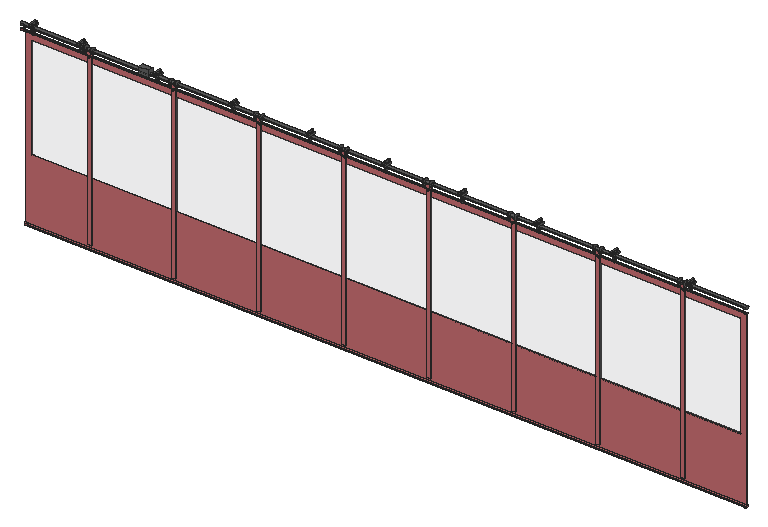
Revit family "Gymnasium_Equipment-Divider_Curtain-IPIbyBison-Fold_Up-IP850", category Specialty Equipment, Revit 2026
Family settings
  Round Connector Dimension = Use Diameter
  Part Type = Normal
  Classification Number = 23.40.50.34.17
  Enable Cutting in Views = No
  Always vertical = Yes
  Cut with Voids When Loaded = No
  Maintain Annotation Orientation = No
  Shared = No
  Room Calculation Point = No
Parameters (values of type "IP850")
  solidvinylheight [instance] = if(Show not in use, 2' 0", Solid Vinyl Height)  # 8' - 0"
  rollercount [instance] = (Unit Length - (Roller Spacing from Edge * 2)) / Roller Spacing  # 8
  meshvis [instance] = not(Show not in use)  # yes
  clampcount [instance] = if(Number of Clamps < 2, 2, Number of Clamps)  # 9
  Unit Weight [instance] = 0
  Unit Length [instance] = 90' - 0"
  URL = "https://ipibybison.com/"
  Strap Length [instance] = if(Show not in use, 1' 8", Opening Height - 0' 2" - 0' 6")  # 22' - 4"
  Specification = "https://www.arcat.com/company/ipi-by-bison-38554/spec"
  Solid Vinyl Height [instance] = 8' - 0"
  Show not in use [instance] = no
  Second Clamp Spacing [instance] = 6' - 0"
  Roller Spacing from Edge [instance] = 8' - 0"
  Roller Spacing [instance] = 9' - 3"
  Product Page URL = "https://www.arcat.com/arcatcos/cos38/arc38554.html"
  Panel Material [instance] = Vinyl - Solid - IPI by Bison - Red
  Opening Height [instance] = 23' - 0"
  Number of Clamps [instance] = (Unit Length - (Clamp Inset from Edge * 2) - (Second Clamp Spacing * 2)) / Clamp Spacing + 1  # 9
  Motor RPM [instance] = 0
  Motor HP [instance] = 0
  Model = "IP850"
  Mesh Material [instance] = Vinyl - Mesh - IPI by Bison - Gray
  Maximum Size = "40' Height x 120' Length"
  Manufacturer = "IPI by Bison"
  Locate Motor [instance] = 15' - 0"
  Keynote = "11 66 53"
  Height of Bottom of Curtain [instance] = if(Show not in use, Curtain Height - 2' 0", 0' 0")  # 0' - 0"
  Frame Finish [instance] = Finish - IPI by Bison - Black
  Flange Width [instance] = 0' - 7"
  Electrical_Voltage [instance] = 0 V
  Electrical_VA [instance] = 0 VA
  Electrical_Phase [instance] = 1
  Electrical_Number of Poles [instance] = 1
  Electrical_Amperage [instance] = 0 A
  Description = "Gymnasium Roll Up Divider Curtain"
  Default Elevation = 0' - 0"
  Curtain Height [instance] = Opening Height - 0' 2" - 0' 6 1/4"  # 22' - 3 3/4"
  Copyright = "© 2023 ARCAT"  # constant formula
  Clamp Spacing [instance] = 10' - 0"
  Clamp Inset from Edge [instance] = 1' - 0"
  CAD Details = "https://www.arcat.com/company/ipi-by-bison-38554/cad"
  Available Options = "as Specified"
Reference planes (in)
  plane 1 "Center (Front/Back)": y = 0
  plane 2: z = 0
  plane 3 "Center (Left/Right)": x = 0
  plane 4: z = 269.75
  plane 5: x = -540
  plane 6: x = 540
  plane 7: x = -546
  plane 8: x = -528
  plane 9: x = 528
  plane 10: z = 98
  plane 11: z = 2
  plane 12: x = -456
  plane 13: x = 456
  plane 14: x = -444
  plane 15: x = 444
  plane 16: x = 546
  plane 17: x = -360
Forms (in)
  Extrusion 1, solid, material "Finish - IPI by Bison - Black" <- "Frame Finish"
    sketch origin (0, 0, 0) x (0, 1, 0) y (0, 0, 1)
      loop
        circle (0, 269.75) r 2
      loop
        circle (0, 262.05122) r 0.8125
    from -546 to 540
  Extrusion 2, solid, material "Finish - IPI by Bison - Black" <- "Frame Finish"
    sketch origin (0, 0, 0) x (1, 0, 0) y (0, 0, 1)
      loop
        line (-353, 276) -> (-367, 276) -> (-367, 266) -> (-353, 266) -> (-353, 276)
    from -3.90461 to 3.54338
  Extrusion 3, solid, material "Vinyl - Solid - IPI by Bison - Red" <- "Panel Material", visible <- "meshvis"
    sketch origin (0, 0, 0) x (1, 0, 0) y (0, 0, 1)
      loop
        line (-540, 261.23872) -> (-540, 2) -> (540, 2) -> (540, 261.23872) -> (-540, 261.23872)
      loop
        line (531, 98) -> (531, 252.23872) -> (-531, 252.23872) -> (-531, 98) -> (531, 98)
    from 0.125 to -0.125
  Extrusion 4, solid, material "Vinyl - Mesh - IPI by Bison - Gray" <- "Mesh Material", visible <- "meshvis"
    sketch origin (0, 0, 0) x (1, 0, 0) y (0, 0, 1)
      loop
        line (531, 98) -> (531, 252.23872) -> (-531, 252.23872) -> (-531, 98) -> (531, 98)
    from 0.125 to -0.125
  Extrusion 5, solid, material "Vinyl - Solid - IPI by Bison - Red" <- "Panel Material", visible <- "meshvis"
    sketch origin (0, 0, 0) x (0, 1, 0) y (0, 0, 1)
      loop
        circle (0, 3.71604) r 1.75
    from -540 to 540
  Extrusion 6, solid, material "Vinyl - Solid - IPI by Bison - Red" <- "Panel Material", visible <- "Show not in use"
    sketch origin (0, 0, 0) x (0, 1, 0) y (0, 0, 1)
      loop
        arc (1.75, 239.71604) -> (1.27582, 240.91387) -> (0.11024, 241.46257) r 1.75
        arc (0.11024, 241.46257) -> (2.23296, 240.98538) -> (4, 239.71604) r 5.45142
        line (4, 239.71604) -> (4, 258.46604) -> (0.125, 261.23872) -> (-0.125, 261.23872) -> (-4, 258.46604) -> (-4, 239.71604)
        arc (-4, 239.71604) -> (-2.23296, 240.98538) -> (-0.11024, 241.46257) r 5.45142
        arc (-0.11024, 241.46257) -> (-1.27582, 240.91387) -> (-1.75, 239.71604) r 1.75
        arc (-1.75, 239.71604) -> (0, 237.96604) -> (1.75, 239.71604) r 1.75
    from -540 to 540
Dimensions and locks (in)
  locked: level to plane 4 at 6.25
  equal spacing: plane 6, plane 3 "Center (Left/Right)", plane 5
  "Unit Length": plane 6 to plane 5
  locked: plane 5 to plane 7 at 6
  "Clamp Inset from Edge": plane 8 to plane 5
  "Clamp Inset from Edge": plane 9 to plane 6
  locked: plane 11 to level at 2
  "Opening Height": level to level
  Extrusion 2 sketch curve to plane 4 to Extrusion 2 sketch curve = 0' - 6 1/4" locked, 0' - 3 3/4" locked
  "Second Clamp Spacing": plane 12 to plane 8
  "Second Clamp Spacing": plane 13 to plane 9
  equal spacing: group 1, group 3, group 4, group 5, group 6, group 7, group 8, group 9, group 2  (x3)
  "Roller Spacing from Edge": plane 15 to plane 6
  "Roller Spacing from Edge": plane 14 to plane 5
  equal spacing: group 10, group 12, group 13, group 14, group 15, group 16, group 17, group 11  (x3)
  locked: Extrusion 3 sketch curve to plane 5 at 9
  locked: Extrusion 3 sketch curve to plane 6 at 9
  plane 4 to Extrusion 3 sketch curve to Extrusion 3 sketch curve = 0' - 8.51128" locked, 0' - 9" locked
  locked: plane 6 to plane 16 at 6
  "Locate Motor": plane 17 to plane 5
  Extrusion 2 sketch curve to plane 17 to Extrusion 2 sketch curve = 0' - 7" locked, 0' - 7" locked
  locked: Extrusion 4 sketch curve to plane 5 at 9
  locked: plane 4 to Extrusion 4 sketch curve at 17.51128
  locked: Extrusion 4 sketch curve to plane 6 at 9
  locked: Extrusion 5 sketch curve to plane 11 at 1.71604
  plane 4 to Extrusion 6 sketch curve to Extrusion 6 sketch curve to Extrusion 6 sketch curve to Extrusion 6 sketch curve = 0' - 8.51128" locked, 0' - 2.77268" locked, 0' - 0" locked, 1' - 6 3/4" locked
  locked: plane 4 to Extrusion 6 sketch curve at 30.03396
  aligned and locked: level to plane 2
  aligned and locked: Extrusion 1 to plane 7
  aligned and locked: plane 6 to Extrusion 1
  aligned and locked: plane 8 to nested 1
  aligned and locked: plane 12 to nested 2
  aligned and locked: nested 3 to plane 13
  aligned and locked: nested 11 to plane 14
  aligned and locked: nested 12 to plane 15
  aligned and locked: plane 5 to Extrusion 3 sketch curve
  aligned and locked: plane 11 to Extrusion 3 sketch curve
  aligned and locked: plane 10 to Extrusion 4 sketch curve
  aligned and locked: Extrusion 5 to plane 6
  aligned and locked: Extrusion 5 to plane 5
  aligned and locked: plane 6 to Extrusion 6
  aligned and locked: Extrusion 6 to plane 5
Automatic sketch dimensions
  Extrusion 1 sketch curve to plane 1 "Center (Front/Back)" = 0' - 0"  (x2)
  Extrusion 1 sketch curve to plane 4 = 0' - 0"
  Extrusion 1 sketch curve to plane 4 = 0' - 7.69878"
  Extrusion 5 sketch curve to plane 1 "Center (Front/Back)" = 0' - 0"
  plane 6 to Extrusion 3 sketch curve = 0' - 0"
  Extrusion 3 sketch curve to plane 10 = 0' - 0"
  Extrusion 6 sketch curve to Extrusion 6 sketch curve = 0' - 0"  (x5)
  Extrusion 6 sketch curve to plane 1 "Center (Front/Back)" = 0' - 0"  (x2)
  plane 1 "Center (Front/Back)" to Extrusion 6 sketch curve = 0' - 0 1/8"
  Extrusion 6 sketch curve to Extrusion 6 sketch curve = 0' - 4"
  Extrusion 6 sketch curve to plane 1 "Center (Front/Back)" = 0' - 4"
  Extrusion 6 sketch curve to Extrusion 6 sketch curve = 0' - 3.70378"
  plane 1 "Center (Front/Back)" to Extrusion 6 sketch curve = 0' - 0.11024"
  Extrusion 6 sketch curve to plane 1 "Center (Front/Back)" = 0' - 0 1/8"
  radius of Extrusion 1 sketch curve = 0' - 2"
  radius of Extrusion 1 sketch curve = 0' - 0 13/16"
  radius of Extrusion 5 sketch curve = 0' - 1 3/4"
Nested families (in)
  nested 1: "RollerClamp" at (-528, 0, 276), Flange Width <- "Flange Width", finish <- "Frame Finish", type "RollerClamp"
    with finish Finish - IPI by Bison - Black, Flange Width 0' - 7"
  nested 2: "RollerClamp" at (-456, 0, 276), Flange Width <- "Flange Width", finish <- "Frame Finish", type "RollerClamp"
    with finish Finish - IPI by Bison - Black, Flange Width 0' - 7"
  nested 3: "RollerClamp" at (456, 0, 276), Flange Width <- "Flange Width", finish <- "Frame Finish", type "RollerClamp"
    with finish Finish - IPI by Bison - Black, Flange Width 0' - 7"
  nested 4: "RollerClamp" at (-342, 0, 276), Flange Width <- "Flange Width", finish <- "Frame Finish", type "RollerClamp"
    with finish Finish - IPI by Bison - Black, Flange Width 0' - 7"
  nested 5: "RollerClamp" at (-228, 0, 276), Flange Width <- "Flange Width", finish <- "Frame Finish", type "RollerClamp"
    with finish Finish - IPI by Bison - Black, Flange Width 0' - 7"
  nested 6: "RollerClamp" at (-114, 0, 276), Flange Width <- "Flange Width", finish <- "Frame Finish", type "RollerClamp"
    with finish Finish - IPI by Bison - Black, Flange Width 0' - 7"
  nested 7: "RollerClamp" at (0, 0, 276), Flange Width <- "Flange Width", finish <- "Frame Finish", type "RollerClamp"
    with finish Finish - IPI by Bison - Black, Flange Width 0' - 7"
  nested 8: "RollerClamp" at (114, 0, 276), Flange Width <- "Flange Width", finish <- "Frame Finish", type "RollerClamp"
    with finish Finish - IPI by Bison - Black, Flange Width 0' - 7"
  nested 9: "RollerClamp" at (228, 0, 276), Flange Width <- "Flange Width", finish <- "Frame Finish", type "RollerClamp"
    with finish Finish - IPI by Bison - Black, Flange Width 0' - 7"
  nested 10: "RollerClamp" at (342, 0, 276), Flange Width <- "Flange Width", finish <- "Frame Finish", type "RollerClamp"
    with finish Finish - IPI by Bison - Black, Flange Width 0' - 7"
  nested 11: "RollerSection" at (-444, 0, 276), finish <- "Frame Finish", vinyl <- "Panel Material", Flange Width <- "Flange Width", curtain height <- "Strap Length", type "RollerSection"
    with vinyl Vinyl - Solid - IPI by Bison - Red, finish Finish - IPI by Bison - Black, curtain height 22' - 4", Flange Width 0' - 7"
  nested 12: "RollerSection" at (444, 0, 276), finish <- "Frame Finish", vinyl <- "Panel Material", Flange Width <- "Flange Width", curtain height <- "Strap Length", type "RollerSection"
    with vinyl Vinyl - Solid - IPI by Bison - Red, finish Finish - IPI by Bison - Black, curtain height 22' - 4", Flange Width 0' - 7"
  nested 13: "RollerSection" at (-317.14286, 0, 276), finish <- "Frame Finish", vinyl <- "Panel Material", Flange Width <- "Flange Width", curtain height <- "Strap Length", type "RollerSection"
    with vinyl Vinyl - Solid - IPI by Bison - Red, finish Finish - IPI by Bison - Black, curtain height 22' - 4", Flange Width 0' - 7"
  nested 14: "RollerSection" at (-190.28571, 0, 276), finish <- "Frame Finish", vinyl <- "Panel Material", Flange Width <- "Flange Width", curtain height <- "Strap Length", type "RollerSection"
    with vinyl Vinyl - Solid - IPI by Bison - Red, finish Finish - IPI by Bison - Black, curtain height 22' - 4", Flange Width 0' - 7"
  nested 15: "RollerSection" at (-63.42857, 0, 276), finish <- "Frame Finish", vinyl <- "Panel Material", Flange Width <- "Flange Width", curtain height <- "Strap Length", type "RollerSection"
    with vinyl Vinyl - Solid - IPI by Bison - Red, finish Finish - IPI by Bison - Black, curtain height 22' - 4", Flange Width 0' - 7"
  nested 16: "RollerSection" at (63.42857, 0, 276), finish <- "Frame Finish", vinyl <- "Panel Material", Flange Width <- "Flange Width", curtain height <- "Strap Length", type "RollerSection"
    with vinyl Vinyl - Solid - IPI by Bison - Red, finish Finish - IPI by Bison - Black, curtain height 22' - 4", Flange Width 0' - 7"
  nested 17: "RollerSection" at (190.28571, 0, 276), finish <- "Frame Finish", vinyl <- "Panel Material", Flange Width <- "Flange Width", curtain height <- "Strap Length", type "RollerSection"
    with vinyl Vinyl - Solid - IPI by Bison - Red, finish Finish - IPI by Bison - Black, curtain height 22' - 4", Flange Width 0' - 7"
  nested 18: "RollerSection" at (317.14286, 0, 276), finish <- "Frame Finish", vinyl <- "Panel Material", Flange Width <- "Flange Width", curtain height <- "Strap Length", type "RollerSection"
    with vinyl Vinyl - Solid - IPI by Bison - Red, finish Finish - IPI by Bison - Black, curtain height 22' - 4", Flange Width 0' - 7"
Connectors (in)
  electrical at (-360, 3.90461, 271), driven by "Electrical_Number of Poles", driven by "Electrical_Voltage", driven by "Electrical_VA"
    settings: on Extrusion 2, index 1, voltage 0 V, apparent load 0 VA, apparent load phase1 0 VA, apparent load phase2 0 VA, apparent load phase3 0 VA, power factor 1, load classification "Motor", number of poles 1, system type 31, power factor state 1, is connector primary yes, connector utility no, sub classification motor no, connector description ""
Definition of nested family "RollerClamp"
  Parameters (values of type "RollerClamp")
    finish [instance] = none
    Flange Width [instance] = 0' - 7.17426"
    Default Elevation = 4' - 0"
  Reference planes (in)
    plane 1 "Center (Front/Back)": y = 0
    plane 2: z = 0
    plane 3 "Center (Left/Right)": x = 0
    plane 4: x = -5.5
    plane 5: x = 5.5
    plane 6: y = -3.67426
    plane 7: y = 3.5
    plane 8: y = 6
    plane 9: y = -6.17426
    plane 10: z = -6.25
    plane 11: z = -7.79281
  Forms (in)
    Extrusion 1, solid, material <- "finish"
      sketch origin (0, 0, 0) x (1, 0, 0) y (0, 0, 1)
        loop
          line (0, 0.5) -> (-2, 0.5) -> (-2, -0.1875) -> (-0.1875, -0.1875) -> (-0.1875, -2) -> (0, -2) -> (0, 0.5)
        loop
          line (2.5, -2.75) -> (0.5, -2.75) -> (0.5, -3) -> (2.25, -3) -> (2.25, -4.75) -> (2.5, -4.75) -> (2.5, -2.75)
        loop
          line (2.5, -9.79281) -> (2.5, -7.79281) -> (2.25, -7.79281) -> (2.25, -9.54281) -> (0.5, -9.54281) -> (0.5, -9.79281) -> (2.5, -9.79281)
      from -6 to 6.17426
    Extrusion 2, solid, material <- "finish"
      sketch origin (0, -6.17426, -0.80189) x (0, 0, -1) y (-1, 0, 0)
        loop
          line (-0.80189, 0) -> (-0.80189, -0.25) -> (0.94811, -0.25) -> (0.94811, -2) -> (1.19811, -2) -> (1.19811, 0) -> (-0.80189, 0)
      from 1.15098 to 3.18599
    Extrusion 3, solid, material <- "finish"
      sketch origin (0, 6, -0.80189) x (0, 0, -1) y (1, 0, 0)
        loop
          line (-0.80189, 0) -> (1.19811, 0) -> (1.19811, 2) -> (0.94811, 2) -> (0.94811, 0.25) -> (-0.80189, 0.25) -> (-0.80189, 0)
      from 0.92208 to 3.04069
    Revolve 4, solid, material <- "finish"
      sketch origin (1, 0, 0) x (0, 1, 0) y (0, 0, 1)
        loop
          line (-4.00957, -0.95793) -> (-4.25957, -0.95793) -> (-4.25957, -10.75215) -> (-4.00957, -10.75215) -> (-4.00957, -0.95793)
        axis (-4.00957, -10.75215) -> (-4.00957, -0.95793)
      angle from 0 to 360
    Revolve 5, solid, material <- "finish"
      sketch origin (1, 0.0625, 0) x (0, -1, 0) y (0, 0, 1)
        loop
          line (-4.00957, -0.95793) -> (-4.25957, -0.95793) -> (-4.25957, -10.75215) -> (-4.00957, -10.75215) -> (-4.00957, -0.95793)
        axis (-4.00957, -10.75215) -> (-4.00957, -0.95793)
      angle from 0 to 360
    Extrusion 6, solid, material <- "finish"
      sketch origin (0, 0, 0) x (0, 1, 0) y (0, 0, 1)
        loop
          circle (-1.23573, -8.26301) r 1
        loop
          circle (1.23573, -8.26301) r 1
      from 1.44286 to 2.14927
    Extrusion 7, solid, material <- "finish"
      sketch origin (0, 0, 0) x (0, 1, 0) y (0, 0, 1)
        loop
          arc (-1.04092, -13.68526) -> (0.00978, -15.09243) -> (1.06048, -13.68526) r 1.09585
          line (1.06048, -13.68526) -> (0.48918, -11.75711)
          arc (0.48918, -11.75711) -> (0.00978, -11.39916) -> (-0.46962, -11.75711) r 0.5
          line (-0.46962, -11.75711) -> (-1.04092, -13.68526)
        loop
          arc (-0.80122, -13.75628) -> (0.00978, -14.84243) -> (0.82078, -13.75628) r 0.84585
          line (0.82078, -13.75628) -> (0.24948, -11.82813)
          arc (0.24948, -11.82813) -> (0.00978, -11.64916) -> (-0.22992, -11.82813) r 0.25
          line (-0.22992, -11.82813) -> (-0.80122, -13.75628)
      from 0.18605 to 0.38374
    Extrusion 8, solid, material <- "finish"
      sketch origin (0, 0, 0) x (1, 0, 0) y (0, 0, 1)
        loop
          arc (0.82001, -11.32006) -> (0.32001, -11.82006) -> (-0.17999, -11.32006) r 0.5
          line (-0.17999, -11.32006) -> (-0.67999, -11.32006)
          arc (-0.67999, -11.32006) -> (0.32001, -12.32006) -> (1.32001, -11.32006) r 1
          line (1.32001, -11.32006) -> (1.32001, -9.30691) -> (0.82001, -9.30691) -> (0.82001, -11.32006)
      from -0.29844 to 0.23293
  Dimensions and locks (in)
    plane 5 to plane 3 "Center (Left/Right)" to plane 4 = 0' - 5 1/2", 0' - 5 1/2"
    "Flange Width": plane 6 to plane 7
    locked: plane 7 to plane 8 at 2.5
    locked: plane 9 to plane 6 at 2.5
    level to plane 10 = 0' - 6 1/4"
    aligned and locked: plane 2 to level
    aligned and locked: Extrusion 1 to plane 8
    aligned and locked: Extrusion 1 to plane 9
  Automatic sketch dimensions
    Extrusion 1 sketch curve to plane 3 "Center (Left/Right)" = 0' - 0"
    plane 3 "Center (Left/Right)" to Extrusion 1 sketch curve = 0' - 0 1/2"  (x2)
    Extrusion 1 sketch curve to plane 11 = 0' - 0"
    Extrusion 1 sketch curve to plane 3 "Center (Left/Right)" = 0' - 0 3/16"
    Extrusion 1 sketch curve to level = 0' - 0 3/16"
    Extrusion 1 sketch curve to Extrusion 1 sketch curve = 0' - 1 13/16"
    plane 3 "Center (Left/Right)" to Extrusion 1 sketch curve = 0' - 2 1/4"  (x2)
    Extrusion 1 sketch curve to Extrusion 1 sketch curve = 0' - 0 1/4"  (x4)
    plane 11 to Extrusion 1 sketch curve = 0' - 1 3/4"
    plane 10 to Extrusion 1 sketch curve = 0' - 1 1/2"
    Extrusion 1 sketch curve to Extrusion 1 sketch curve = 0' - 1 3/4"
    Extrusion 1 sketch curve to Extrusion 1 sketch curve = 0' - 0 3/4"
    level to Extrusion 1 sketch curve = 0' - 0 1/2"
    Extrusion 2 sketch curve to level = 0' - 0"
    Extrusion 2 sketch curve to plane 3 "Center (Left/Right)" = 0' - 0"
    level to Extrusion 2 sketch curve = 0' - 1 3/4"
    Extrusion 2 sketch curve to Extrusion 2 sketch curve = 0' - 0 1/4"  (x2)
    Extrusion 2 sketch curve to Extrusion 2 sketch curve = 0' - 1 3/4"
    Extrusion 3 sketch curve to level = 0' - 0"
    Extrusion 3 sketch curve to plane 3 "Center (Left/Right)" = 0' - 0"
    Extrusion 3 sketch curve to level = 0' - 1 3/4"
    Extrusion 3 sketch curve to Extrusion 3 sketch curve = 0' - 0 1/4"  (x2)
    Extrusion 3 sketch curve to Extrusion 3 sketch curve = 0' - 1 3/4"
    plane 6 to Revolve 4 sketch curve = 0' - 0.58531"
    Revolve 4 sketch curve to Revolve 4 sketch curve = 0' - 0 1/4"
    plane 11 to Revolve 4 sketch curve = 0' - 2.95934"
    Revolve 4 sketch curve to level = 0' - 0.95793"
    Revolve 4 sketch curve to Revolve 4 sketch curve = 0' - 0"  (x2)
    Revolve 4 sketch curve to Revolve 4 sketch curve = 0' - 0.29422"
    plane 7 to Revolve 5 sketch curve = 0' - 0.82207"
    Revolve 5 sketch curve to Revolve 5 sketch curve = 0' - 0 1/4"
    Revolve 5 sketch curve to plane 11 = 0' - 2.95934"
    level to Revolve 5 sketch curve = 0' - 0.95793"
    Revolve 5 sketch curve to Revolve 5 sketch curve = 0' - 0"  (x2)
    Revolve 5 sketch curve to Revolve 5 sketch curve = 0' - 0.29422"
    plane 11 to Extrusion 6 sketch curve = 0' - 0.4702"  (x2)
    plane 1 "Center (Front/Back)" to Extrusion 6 sketch curve = 0' - 1.23573"
    Extrusion 6 sketch curve to plane 1 "Center (Front/Back)" = 0' - 1.23573"
    plane 1 "Center (Front/Back)" to Extrusion 7 sketch curve = 0' - 1.04092"
    plane 1 "Center (Front/Back)" to Extrusion 7 sketch curve = 0' - 0.46962"
    Extrusion 7 sketch curve to plane 1 "Center (Front/Back)" = 0' - 0.00978"  (x2)
    Extrusion 7 sketch curve to plane 1 "Center (Front/Back)" = 0' - 0.48918"
    Extrusion 7 sketch curve to plane 1 "Center (Front/Back)" = 0' - 1.06048"
    plane 11 to Extrusion 7 sketch curve = 0' - 6.20376"
    Extrusion 7 sketch curve to Extrusion 7 sketch curve = 0' - 0.31132"
    Extrusion 7 sketch curve to Extrusion 7 sketch curve = 0' - 1.7861"
    Extrusion 7 sketch curve to Extrusion 7 sketch curve = 0' - 0.14204"
    Extrusion 7 sketch curve to Extrusion 7 sketch curve = 0' - 0"  (x4)
    Extrusion 7 sketch curve to Extrusion 7 sketch curve = 0' - 0.2397"  (x2)
    plane 1 "Center (Front/Back)" to Extrusion 7 sketch curve = 0' - 0.22992"
    Extrusion 7 sketch curve to plane 1 "Center (Front/Back)" = 0' - 0.24948"
    Extrusion 7 sketch curve to Extrusion 7 sketch curve = 0' - 0.07102"  (x2)
    Extrusion 8 sketch curve to Extrusion 8 sketch curve = 0' - 0"
    Extrusion 8 sketch curve to plane 3 "Center (Left/Right)" = 0' - 0.67999"
    plane 3 "Center (Left/Right)" to Extrusion 8 sketch curve = 0' - 0.32001"
    Extrusion 8 sketch curve to Extrusion 8 sketch curve = 0' - 0 1/2"
    plane 11 to Extrusion 8 sketch curve = 0' - 3.52725"
    Extrusion 8 sketch curve to Extrusion 8 sketch curve = 0' - 2.01316"
    radius of Extrusion 6 sketch curve = 0' - 1"  (x2)
Definition of nested family "RollerSection"
  Parameters (values of type "RollerSection")
    vinyl [instance] = none
    finish [instance] = none
    curtain height [instance] = 5' - 3.79281"
    Flange Width [instance] = 0' - 7.17426"
    Default Elevation = 4' - 0"
  Reference planes (in)
    plane 1 "Center (Front/Back)": y = 0
    plane 2: z = 0
    plane 3 "Center (Left/Right)": x = 0
    plane 4: x = -4.75
    plane 5: x = 4.75
    plane 6: y = -3.67426
    plane 7: y = 3.5
    plane 8: y = 6
    plane 9: y = -6.17426
    plane 10: z = -6.25
    plane 11: z = -7.79281
    plane 12: z = -63.79281
  Forms (in)
    Extrusion 1, solid, material <- "finish"
      sketch origin (0, 0, 0) x (0, 1, 0) y (0, 0, 1)
        loop
          circle (0, -6.25) r 4
      from -4.75 to -4.40305
    Extrusion 2, solid, material <- "finish"
      sketch origin (0, 0, 0) x (0, 1, 0) y (0, 0, 1)
        loop
          circle (0, -6.25) r 2.25
      from -6.92857 to 6.97986
    Extrusion 3, solid, material <- "finish"
      sketch origin (0, 0, 0) x (0, 1, 0) y (0, 0, -1)
        loop
          circle (0, 6.25) r 4
      from -4.75 to -4.40305
    Extrusion 4, solid, material <- "vinyl"
      sketch origin (0, 0, 0) x (0, 1, 0) y (0, 0, 1)
        loop
          line (-1.5, -6.25) -> (-1.62548, -6.25) -> (-0.91703, -14.34764) -> (-0.24284, -16.25256) -> (0.24284, -16.25256) -> (0.91703, -14.34764) -> (1.62548, -6.25) -> (1.5, -6.25) -> (0.79389, -14.32091) -> (0.125, -16.21085) -> (-0.125, -16.21085) -> (-0.79389, -14.32091) -> (-1.5, -6.25)
      from 3 to -3
    Extrusion 5, solid, material <- "vinyl"
      sketch origin (0, 0, 0) x (0, 1, 0) y (0, 0, 1)
        loop
          line (-0.24284, -16.25256) -> (-0.24284, -63.79281) -> (-0.11784, -63.79281) -> (-0.11784, -16.25256) -> (-0.24284, -16.25256)
        loop
          line (0.24284, -16.25256) -> (0.11784, -16.25256) -> (0.11784, -63.79281) -> (0.24284, -63.79281) -> (0.24284, -16.25256)
      from 3 to -3
  Dimensions and locks (in)
    plane 5 to plane 3 "Center (Left/Right)" to plane 4 = 0' - 4 3/4", 0' - 4 3/4"
    "Flange Width": plane 6 to plane 7
    locked: plane 7 to plane 8 at 2.5
    locked: plane 9 to plane 6 at 2.5
    level to plane 10 = 0' - 6 1/4"
    "curtain height": level to plane 12
    aligned and locked: plane 2 to level
    aligned and locked: plane 12 to Extrusion 5 sketch curve
    aligned and locked: Extrusion 5 sketch curve to plane 12
  Automatic sketch dimensions
    Extrusion 1 sketch curve to plane 1 "Center (Front/Back)" = 0' - 0"
    Extrusion 1 sketch curve to plane 10 = 0' - 0"
    Extrusion 2 sketch curve to plane 1 "Center (Front/Back)" = 0' - 0"
    Extrusion 2 sketch curve to plane 10 = 0' - 0"
    Extrusion 3 sketch curve to plane 1 "Center (Front/Back)" = 0' - 0"
    Extrusion 3 sketch curve to plane 10 = 0' - 0"
    Extrusion 4 sketch curve to plane 10 = 0' - 0"  (x2)
    plane 1 "Center (Front/Back)" to Extrusion 4 sketch curve = 0' - 1.62548"
    Extrusion 4 sketch curve to Extrusion 4 sketch curve = 0' - 0.12548"  (x2)
    plane 1 "Center (Front/Back)" to Extrusion 4 sketch curve = 0' - 0.91703"
    Extrusion 4 sketch curve to Extrusion 4 sketch curve = 0' - 0.12314"  (x2)
    plane 1 "Center (Front/Back)" to Extrusion 4 sketch curve = 0' - 0 1/8"
    Extrusion 4 sketch curve to plane 1 "Center (Front/Back)" = 0' - 0 1/8"
    Extrusion 4 sketch curve to plane 1 "Center (Front/Back)" = 0' - 0.79389"
    Extrusion 4 sketch curve to plane 1 "Center (Front/Back)" = 0' - 1 1/2"
    plane 11 to Extrusion 4 sketch curve = 0' - 6.5281"
    Extrusion 4 sketch curve to Extrusion 4 sketch curve = 0' - 0"
    Extrusion 4 sketch curve to Extrusion 4 sketch curve = 0' - 0.02672"  (x2)
    Extrusion 4 sketch curve to Extrusion 4 sketch curve = 0' - 1.88994"
    Extrusion 4 sketch curve to Extrusion 4 sketch curve = 0' - 0.11784"  (x2)
    Extrusion 4 sketch curve to Extrusion 4 sketch curve = 0' - 0.04171"
    plane 1 "Center (Front/Back)" to Extrusion 5 sketch curve = 0' - 0.24284"
    plane 1 "Center (Front/Back)" to Extrusion 5 sketch curve = 0' - 0.11784"
    Extrusion 5 sketch curve to plane 1 "Center (Front/Back)" = 0' - 0.11784"
    Extrusion 5 sketch curve to Extrusion 5 sketch curve = 0' - 0 1/8"
    plane 11 to Extrusion 5 sketch curve = 0' - 8.45974"
    Extrusion 5 sketch curve to Extrusion 5 sketch curve = 0' - 0"
    radius of Extrusion 1 sketch curve = 0' - 4"
    radius of Extrusion 2 sketch curve = 0' - 2 1/4"
    radius of Extrusion 3 sketch curve = 0' - 4"
